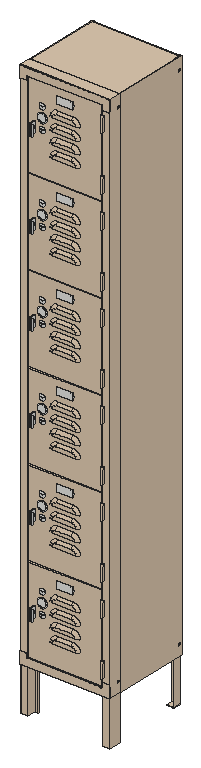
Revit family "Metal_Lockers-Salsbury_Industries-65000_66000_Series-1_Wide_Units", category Specialty Equipment, Revit 2022 (continued)
Definition of nested family "Metal Locker End Panel"
  Reference planes (in)
    plane 14 "Outside Edge of Back Flap": y = 3.898
  Forms (in)
    Extrusion 1, solid, material <- "Primary Structure Material", visible <- "Visible"
      sketch origin (-4.1325, 0.48244, 0) x (0, 0, -1) y (0, -1, 0)
        loop
          line (-72, 8.71458) -> (-72, -3.41556) -> (0, -3.41556) -> (0, 8.71458) -> (-72, 8.71458)
      from 0 to -0.06
    Extrusion 2, solid, material <- "Primary Structure Material", visible <- "Visible"
      sketch origin (0, 3.838, 0) x (0, 0, -1) y (1, 0, 0)
        loop
          line (-72, -5.0575) -> (0, -5.0575) -> (0, -4.1325) -> (-72, -4.1325) -> (-72, -5.0575)
      from 0 to -0.06
    Extrusion 3, solid, material <- "Primary Structure Material", visible <- "Visible"
      sketch origin (0, -8.172, 0) x (1, 0, 0) y (0, 0, 1)
        loop
          line (-5.0575, 70.283) -> (-5.0575, 1.717) -> (-4.1325, 1.717) -> (-4.1325, 70.283) -> (-5.0575, 70.283)
      from 0.06014 to 0
  Dimensions and locks (in)
    equal spacing: plane 6 "Front of Panel", plane 1 "Center (Front/Back)", plane 9 "Back of Panel"
    "Depth": plane 6 "Front of Panel" to plane 9 "Back of Panel"
    equal spacing: plane 8 "Left Side of Enclosure", plane 3 "Center (Left/Right)", plane 7 "Right Side of Enclosure"
    "Width": plane 8 "Left Side of Enclosure" to plane 7 "Right Side of Enclosure"
    equal spacing: plane 5 "Top of Panel", plane 10, plane 2
    "Height": plane 5 "Top of Panel" to plane 2
    locked: plane 5 "Top of Panel" to plane 11 at 1.717
    locked: plane 13 "Outside Edge of Front Flap" to plane 6 "Front of Panel" at 0.06014
    locked: plane 9 "Back of Panel" to plane 14 "Outside Edge of Back Flap" at 0.06
    aligned and locked: level to plane 2
    aligned and locked: plane 5 "Top of Panel" to Extrusion 1 sketch curve
    aligned and locked: plane 5 "Top of Panel" to Extrusion 2 sketch curve
    aligned and locked: Extrusion 2 to plane 9 "Back of Panel"
    aligned and locked: plane 11 to Extrusion 3 sketch curve
    aligned and locked: plane 6 "Front of Panel" to Extrusion 3
    aligned and locked: plane 14 "Outside Edge of Back Flap" to Extrusion 2
    aligned and locked: Extrusion 1 to plane 14 "Outside Edge of Back Flap"
    aligned and locked: plane 13 "Outside Edge of Front Flap" to Extrusion 3
    aligned and locked: Extrusion 2 to plane 7 "Right Side of Enclosure"
    aligned and locked: Extrusion 3 to plane 7 "Right Side of Enclosure"
  Automatic sketch dimensions
    Extrusion 1 sketch curve to level = 0.000"
    Extrusion 2 sketch curve to level = 0.000"
    plane 8 "Left Side of Enclosure" to Extrusion 2 sketch curve = 0.000"
    plane 7 "Right Side of Enclosure" to Extrusion 2 sketch curve = 0.000"
    plane 8 "Left Side of Enclosure" to Extrusion 3 sketch curve = 0.000"
    Extrusion 3 sketch curve to plane 12 = 0.000"
    plane 7 "Right Side of Enclosure" to Extrusion 3 sketch curve = 0.000"
    Extrusion 1 sketch curve to plane 14 "Outside Edge of Back Flap" = 0.000"
    plane 6 "Front of Panel" to Extrusion 1 sketch curve = 0.06014"
Definition of nested family "Metal Locker Front Filler"
  Parameters (values of type "77869 - for 6' H Lockers (Zee Base or No Legs)")
    Width = 9.000"
    Visible = yes
    Version = "1.0 (11/30/15)"
    Type Comments = "Vertical Front Filler for Standard Metal Lockers"
    Primary Structure Material = none
    Model = "77865"
    MasterFormat Title = ""
    MasterFormat Number = ""
    Manufacturer = "Salsbury Industries"
    Height = 72.000"
    Description = "9\" W Vertical Front Filler for 6' H Lockers"
    Depth = 1.500"
    Default Elevation = 0.000"
    Assembly Code = ""
  Types (9): name | Width | Visible | Model | Height | Description | Depth
    77865 - for 6' H Lockers with Legs | 15.000" | yes | "77865" | 78.000" | "15\" W Vertical Front Filler for 6' H Lockers" | 1.000"
    77869 - for 6' H Lockers with Legs | 9.000" | yes | "77865" | 78.000" | "9\" W Vertical Front Filler for 6' H Lockers" | 1.000"
    77855 - for 5' H Lockers with Legs | 15.000" | yes | "77855" | 66.000" | "15\" W Vertical Front Filler for 5' H Lockers" | 1.000"
    77859 - for 5' H Lockers with Legs | 9.000" | yes | "77859" | 66.000" | "9\" W Vertical Front Filler for 5' H Lockers" | 1.000"
    None | 15.000" | no | "n/a" | 78.000" | "" | 1.500"
    77865 - for 6' H Lockers (Zee Base or No Legs) | 15.000" | yes | "77865" | 72.000" | "15\" W Vertical Front Filler for 6' H Lockers" | 1.000"
    77869 - for 6' H Lockers (Zee Base or No Legs) | 9.000" | yes | "77865" | 72.000" | "9\" W Vertical Front Filler for 6' H Lockers" | 1.500"
    77859 - for 5' H Lockers (Zee Base or No Legs) | 9.000" | yes | "77859" | 60.000" | "9\" W Vertical Front Filler for 5' H Lockers" | 1.000"
    77855 - for 5' H Lockers (Zee Base or No Legs) | 15.000" | yes | "77855" | 60.000" | "15\" W Vertical Front Filler for 5' H Lockers" | 1.000"
  Reference planes (in)
    plane 1 "Center (Front/Back)": y = -2.167
    plane 2: z = 0
    plane 3 "Center (Left/Right)": x = -4.595
    plane 4 "Bottom of Filler": z = 0
    plane 5 "Top of Panel": z = 72
    plane 6 "Front of Filler": y = -2.917
    plane 7 "Right Side of Filler": x = -0.095
    plane 8 "Left Side of Filler": x = -9.095
    plane 9 "Back of Filler": y = -1.417
    plane 10: z = 36
  Forms (in)
    Extrusion 1, solid, material <- "Primary Structure Material", visible <- "Visible"
      sketch origin (0, 0, 0) x (0, -1, 0) y (1, 0, 0)
        loop
          line (1.417, -9.095) -> (2.917, -9.095) -> (2.917, -1.095) -> (2.869, -1.095) -> (2.869, -9.047) -> (1.417, -9.047) -> (1.417, -9.095)
      from 0 to 72
    Extrusion 2, solid, material <- "Primary Structure Material", visible <- "Visible"
      sketch origin (0, -0.20425, 0) x (0, -1, 0) y (1, 0, 0)
        loop
          line (1.30875, -0.095) -> (1.30875, -0.143) -> (2.76075, -0.143) -> (2.76075, -1.595) -> (2.80875, -1.595) -> (2.80875, -0.095) -> (1.30875, -0.095)
      from 0 to 72
    Extrusion 3, solid, material <- "Primary Structure Material", visible <- "Visible"
      sketch origin (0, 0.10825, 0) x (0, -1, 0) y (1, 0, 0)
        loop
          line (3.07325, -1.595) -> (3.07325, -0.82524) -> (3.02525, -0.82524) -> (3.02525, -1.376) -> (3.02525, -1.449) -> (3.02525, -1.522) -> (3.02525, -1.595) -> (3.07325, -1.595)
      from 0 to 72
    Extrusion 4, solid, material <- "Primary Structure Material", visible <- "Visible"
      sketch origin (0, 0, 0) x (0, -1, 0) y (1, 0, 0)
        loop
          line (2.917, -0.82524) -> (2.821, -0.82524) -> (2.821, -1.80024) -> (2.869, -1.80024) -> (2.869, -0.87324) -> (2.917, -0.87324) -> (2.917, -0.82524)
      from 0 to 72
  Dimensions and locks (in)
    equal spacing: plane 6 "Front of Filler", plane 1 "Center (Front/Back)", plane 9 "Back of Filler"
    "Depth": plane 6 "Front of Filler" to plane 9 "Back of Filler"
    equal spacing: plane 8 "Left Side of Filler", plane 3 "Center (Left/Right)", plane 7 "Right Side of Filler"
    "Width": plane 8 "Left Side of Filler" to plane 7 "Right Side of Filler"
    equal spacing: plane 5 "Top of Panel", plane 10, plane 2
    "Height": plane 5 "Top of Panel" to plane 2
    aligned and locked: level to plane 2
    aligned and locked: Extrusion 1 to plane 5 "Top of Panel"
    aligned and locked: Extrusion 2 to plane 5 "Top of Panel"
    aligned and locked: Extrusion 3 to plane 5 "Top of Panel"
    aligned and locked: Extrusion 4 to plane 5 "Top of Panel"
  Automatic sketch dimensions
    plane 9 "Back of Filler" to Extrusion 1 sketch curve = 0.000"
    plane 6 "Front of Filler" to Extrusion 1 sketch curve = 0.000"
    Extrusion 1 sketch curve to plane 8 "Left Side of Filler" = 0.000"
    Extrusion 1 sketch curve to plane 6 "Front of Filler" = 0.048"
    Extrusion 1 sketch curve to Extrusion 1 sketch curve = 0.048"
    plane 7 "Right Side of Filler" to Extrusion 1 sketch curve = 1.000"
    Extrusion 2 sketch curve to plane 7 "Right Side of Filler" = 0.000"
    plane 7 "Right Side of Filler" to Extrusion 2 sketch curve = 0.048"
    plane 9 "Back of Filler" to Extrusion 2 sketch curve = 0.096"
    plane 6 "Front of Filler" to Extrusion 2 sketch curve = 0.048"
    Extrusion 2 sketch curve to Extrusion 2 sketch curve = 0.048"
    Extrusion 2 sketch curve to Extrusion 2 sketch curve = 1.452"
    plane 6 "Front of Filler" to Extrusion 3 sketch curve = 0.000"
    plane 7 "Right Side of Filler" to Extrusion 3 sketch curve = 1.500"
    Extrusion 3 sketch curve to Extrusion 3 sketch curve = 0.073"  (x3)
    Extrusion 3 sketch curve to Extrusion 3 sketch curve = 0.55076"
    Extrusion 3 sketch curve to Extrusion 3 sketch curve = 0.048"
    plane 6 "Front of Filler" to Extrusion 4 sketch curve = 0.000"
    Extrusion 4 sketch curve to plane 6 "Front of Filler" = 0.048"
    Extrusion 4 sketch curve to Extrusion 4 sketch curve = 0.048"  (x2)
    plane 7 "Right Side of Filler" to Extrusion 4 sketch curve = 1.70524"
    plane 7 "Right Side of Filler" to Extrusion 4 sketch curve = 0.77824"
Definition of nested family "Metal Locker Flat Top Filler"
  Parameters (values of type "77842 - for 12" Deep Lockers (15" W)")
    Width = 16.250"
    Visible = yes
    Version = "1.0 (11/30/15)"
    Type Comments = "Flat Top Filler for Standard Metal Lockers"
    Primary Structure Material = none
    Model = "77842"
    MasterFormat Title = ""
    MasterFormat Number = ""
    Manufacturer = "Salsbury Industries"
    Height = 1.003"
    Description = "15\"W Flat Top In-Line Filler"
    Depth = 12.118"
    Default Elevation = 0.000"
    Assembly Code = ""
  Types (7): name | Width | Visible | Model | Depth
    77842 - for 12" Deep Lockers (15" W) | 16.250" | yes | "77842" | 12.118"
    77842 - for 12" Deep Lockers (9" W) | 10.250" | yes | "77842" | 12.118"
    77845 - for 15" Deep Lockers (15" W) | 16.250" | yes | "77845" | 15.118"
    77845 - for 15" Deep Lockers (9" W) | 10.250" | yes | "77845" | 15.118"
    77848 - for 18" Deep Lockers (15" W) | 16.250" | yes | "77848" | 18.118"
    77848 - for 18" Deep Lockers (9" W) | 10.250" | yes | "77848" | 18.118"
    None | 16.250" | no | "" | 12.118"
  Reference planes (in)
    plane 1 "Center (Front/Back)": y = -2.167
    plane 2: z = 0
    plane 3 "Center (Left/Right)": x = -4.595
    plane 4 "Bottom of Panel": z = 0
    plane 5 "Top of Panel": z = 1.003
    plane 6 "Front of Panel": y = -8.226
    plane 7 "Right Side of Enclosure": x = 3.53
    plane 8 "Left Side of Enclosure": x = -12.72
    plane 9 "Back of Panel": y = 3.892
    plane 10: z = 0.5015
  Forms (in)
    Extrusion 1, solid, material <- "Primary Structure Material", visible <- "Visible"
      sketch origin (-4.595, 0, 0) x (0, 1, 0) y (0, 0, 1)
        loop
          line (-8.226, 0) -> (-8.178, 0) -> (-8.178, 0.955) -> (3.892, 0.955) -> (3.892, 1.003) -> (-8.226, 1.003) -> (-8.226, 0)
      from -8.125 to 8.125
  Dimensions and locks (in)
    equal spacing: plane 6 "Front of Panel", plane 1 "Center (Front/Back)", plane 9 "Back of Panel"
    "Depth": plane 6 "Front of Panel" to plane 9 "Back of Panel"
    equal spacing: plane 8 "Left Side of Enclosure", plane 3 "Center (Left/Right)", plane 7 "Right Side of Enclosure"
    "Width": plane 8 "Left Side of Enclosure" to plane 7 "Right Side of Enclosure"
    equal spacing: plane 5 "Top of Panel", plane 10, plane 2
    "Height": plane 5 "Top of Panel" to plane 2
    aligned and locked: level to plane 2
    aligned and locked: Extrusion 1 to plane 7 "Right Side of Enclosure"
    aligned and locked: plane 8 "Left Side of Enclosure" to Extrusion 1
    aligned and locked: plane 6 "Front of Panel" to Extrusion 1
    aligned and locked: Extrusion 1 to plane 9 "Back of Panel"
  Automatic sketch dimensions
    plane 5 "Top of Panel" to Extrusion 1 sketch curve = 0.000"
    Extrusion 1 sketch curve to plane 6 "Front of Panel" = 0.000"
    Extrusion 1 sketch curve to level = 0.000"
    Extrusion 1 sketch curve to plane 9 "Back of Panel" = 0.000"
    Extrusion 1 sketch curve to plane 6 "Front of Panel" = 0.048"
    plane 5 "Top of Panel" to Extrusion 1 sketch curve = 0.048"
Definition of nested family "Metal Locker Flat Corner Filler"
  Parameters (values of type "77832 - for 12" Deep Lockers")
    Width = 12.625"
    Visible = yes
    Version = "1.0 (11/30/15)"
    Type Comments = "Flat Top Corner Filler for Standard Metal Lockers"
    Primary Structure Material = none
    Model = "77832"
    MasterFormat Title = ""
    MasterFormat Number = ""
    Manufacturer = "Salsbury Industries"
    Height = 0.048"
    Description = "12\"W Flat Top Corner Filler"
    Depth = 12.625"
    Default Elevation = 0.000"
    Assembly Code = ""
  Types (4): name | Width | Visible | Model | Description | Depth
    77832 - for 12" Deep Lockers | 12.625" | yes | "77832" | "12\"W Flat Top Corner Filler" | 12.625"
    77835 - for 15" Deep Lockers | 15.625" | yes | "77835" | "15\"W Flat Top Corner Filler" | 15.625"
    77838 - for 18" Deep Lockers | 18.625" | yes | "77838" | "18\"W Flat Top Corner Filler" | 18.625"
    None | 12.625" | no | "" | "" | 12.625"
  Reference planes (in)
    plane 1 "Center (Front/Back)": y = -2.167
    plane 2: z = 0
    plane 3 "Center (Left/Right)": x = -4.595
    plane 4 "Bottom of Panel": z = 0
    plane 5 "Top of Panel": z = 0.048
    plane 6 "Front of Panel": y = -8.4795
    plane 7 "Right Side of Enclosure": x = 1.7175
    plane 8 "Left Side of Enclosure": x = -10.9075
    plane 9 "Back of Panel": y = 4.1455
    plane 10: z = 0.024
  Forms (in)
    Extrusion 1, solid, material <- "Primary Structure Material", visible <- "Visible"
      sketch origin (0, 0, 0) x (0, -1, 0) y (1, 0, 0)
        loop
          line (7.8545, -10.9075) -> (7.8545, -10.2825) -> (8.4795, -10.2825) -> (8.4795, 1.7175) -> (-4.1455, 1.7175) -> (-4.1455, -10.9075) -> (7.8545, -10.9075)
      from 0 to 0.048
  Dimensions and locks (in)
    equal spacing: plane 6 "Front of Panel", plane 1 "Center (Front/Back)", plane 9 "Back of Panel"
    "Depth": plane 6 "Front of Panel" to plane 9 "Back of Panel"
    equal spacing: plane 8 "Left Side of Enclosure", plane 3 "Center (Left/Right)", plane 7 "Right Side of Enclosure"
    "Width": plane 8 "Left Side of Enclosure" to plane 7 "Right Side of Enclosure"
    equal spacing: plane 5 "Top of Panel", plane 10, plane 2
    "Height": plane 5 "Top of Panel" to plane 2
    aligned and locked: level to plane 2
    aligned and locked: Extrusion 1 to plane 9 "Back of Panel"
    aligned and locked: plane 6 "Front of Panel" to Extrusion 1
    aligned and locked: Extrusion 1 to plane 7 "Right Side of Enclosure"
    aligned and locked: plane 8 "Left Side of Enclosure" to Extrusion 1
  Automatic sketch dimensions
    Extrusion 1 sketch curve to plane 8 "Left Side of Enclosure" = 0.000"
    plane 9 "Back of Panel" to Extrusion 1 sketch curve = 0.000"
    plane 6 "Front of Panel" to Extrusion 1 sketch curve = 0.000"
    Extrusion 1 sketch curve to plane 7 "Right Side of Enclosure" = 0.000"
    Extrusion 1 sketch curve to plane 8 "Left Side of Enclosure" = 0.625"
    Extrusion 1 sketch curve to plane 6 "Front of Panel" = 0.625"
Definition of nested family "Metal Locker Sloping Hood"
  Parameters (values of type "77752 - for 12" Deep Lockers (1 Wide)")
    Width = 12.040"
    Visible = yes
    Version = "1.0 (11/30/15)"
    Type Comments = "Sloping Hood for Standard Metal Lockers"
    Slope Angle = 28.761°
    Primary Structure Material = none
    Model = "77752"
    MasterFormat Title = ""
    MasterFormat Number = ""
    Manufacturer = "Salsbury Industries"
    Height = 6.625"
    Dividing Lines = no
    Description = "12\" Deep for up to (3) 12\" Wide Lockers"
    Depth = 12.070"
    Default Elevation = 0.000"
    Assembly Code = ""
  Types (12): name | Width | Visible | Slope Angle | Model | Height | Dividing Lines | Description | Depth
    77752 - for 12" Deep Lockers (1 Wide) | 12.040" | yes | 28.761° | "77752" | 6.625" | no | "12\" Deep for up to (3) 12\" Wide Lockers" | 12.070"
    77752 - for 12" Deep Lockers (3 Wide) | 36.040" | yes | 28.761° | "77752" | 6.625" | yes | "12\" Deep for up to (3) 12\" Wide Lockers" | 12.070"
    77755 - for 15" Deep Lockers (1 Wide) | 12.040" | yes | 29.946° | "77755" | 8.682" | no | "15\" Deep for up to (3) 12\" Wide Lockers" | 15.070"
    77755 - for 15" Deep Lockers (3 Wide) | 36.040" | yes | 29.946° | "77755" | 8.628" | yes | "15\" Deep for up to (3) 12\" Wide Lockers" | 15.070"
    77758 - for 18" Deep Lockers (1 Wide) | 12.040" | yes | 30.723° | "77758" | 10.739" | no | "18\" Deep for up to (3) 12\" Wide Lockers" | 18.070"
    77758 - for 18" Deep Lockers (3 Wide) | 36.040" | yes | 30.723° | "77758" | 10.739" | yes | "18\" Deep for up to (3) 12\" Wide Lockers" | 18.070"
    None | 12.000" | no | 28.761° | "" | 6.625" | no | "" | 12.070"
    77765 - for 15" Deep Lockers (1 Wide) | 15.040" | yes | 29.946° | "77752" | 6.625" | no | "12\" Deep for up to (3) 12\" Wide Lockers" | 15.070"
    77768 - for 18" Deep Lockers (1 Wide) | 15.040" | yes | 30.723° | "77752" | 6.625" | no | "12\" Deep for up to (3) 12\" Wide Lockers" | 18.070"
    77765 - for 15" Deep Lockers (3 Wide) | 45.040" | yes | 29.946° | "77752" | 6.625" | yes | "12\" Deep for up to (3) 12\" Wide Lockers" | 15.070"
    77768 - for 18" Deep Lockers (3 Wide) | 45.040" | yes | 30.723° | "77752" | 6.625" | yes | "12\" Deep for up to (3) 12\" Wide Lockers" | 18.070"
    77759 - for 18" Deep Bridge Lockers | 72.040" | yes | 30.723° | "77752" | 6.625" | no | "12\" Deep for up to (3) 12\" Wide Lockers" | 18.070"
  Reference planes (in)
    plane 1 "Center (Front/Back)": y = -2.167
    plane 2: z = 0
    plane 3 "Center (Left/Right)": x = -4.595
    plane 4 "Bottom of Panel": z = 0
    plane 5 "Top of Panel": z = 6.625
    plane 6 "Front of Panel": y = -8.202
    plane 7 "Right Side of Enclosure": x = 1.425
    plane 8 "Left Side of Enclosure": x = -10.615
    plane 9 "Back of Panel": y = 3.868
    plane 10: z = 3.3125
    plane 11: through (0, -7.81601, 0.21186) normal (0, -0.4812, 0.8766)
    plane 12: through (0, -7.94397, 0.10626) normal (0, -0.4812, 0.8766)
    plane 13: y = 3.837
    plane 14: y = 3.806
    plane 15: y = 3.775
    plane 16: y = 3.37433
    plane 17 "Divider 1": x = -6.60167
    plane 18 "Divider 2": x = -2.58833
  Forms (in)
    Extrusion 1, solid, material <- "Primary Structure Material", visible <- "Visible"
      sketch origin (1.425, 0, 0) x (0, 0, -1) y (0, -1, 0)
        loop
          line (-6.62484, -3.868) -> (0, -3.868) -> (0, 8.202) -> (-6.62484, -3.868)
      from 0 to 0.031
    Extrusion 2, solid, material <- "Primary Structure Material", visible <- "Visible"
      sketch origin (1.425, 0, 0) x (0, 0, -1) y (0, -1, 0)
        loop
          line (0, -3.868) -> (0, -3.837) -> (-6.60783, -3.837) -> (-6.62484, -3.868) -> (0, -3.868)
      from 0.03098 to 0.40598
    Extrusion 3, solid, material <- "Primary Structure Material", visible <- "Visible"
      sketch origin (1.425, 0, 0) x (0, 0, -1) y (0, -1, 0)
        loop
          line (0, -3.837) -> (0, 8.13757) -> (-0.031, 8.08109) -> (-0.031, -3.837) -> (0, -3.837)
      from 0.031 to 0.80198
    Extrusion 4, solid, material <- "Primary Structure Material", visible <- "Visible"
      sketch origin (-10.615, 0, 0) x (0, 0, -1) y (0, -1, 0)
        loop
          line (-6.62484, -3.868) -> (0, -3.868) -> (0, 8.202) -> (-6.62484, -3.868)
      from 0 to -0.031
    Extrusion 5, solid, material <- "Primary Structure Material", visible <- "Visible"
      sketch origin (-10.615, 0, 0) x (0, 0, -1) y (0, -1, 0)
        loop
          line (0, -3.868) -> (0, -3.837) -> (-6.60783, -3.837) -> (-6.62484, -3.868) -> (0, -3.868)
      from -0.031 to -0.406
    Extrusion 6, solid, material <- "Primary Structure Material", visible <- "Visible"
      sketch origin (-10.615, 0, 0) x (0, 0, -1) y (0, -1, 0)
        loop
          line (0, -3.837) -> (0, 8.13757) -> (-0.031, 8.08109) -> (-0.031, -3.837) -> (0, -3.837)
      from -0.031 to -0.802
    Extrusion 7, solid, material <- "Primary Structure Material", visible <- "Visible"
      sketch origin (-4.595, 0, 0) x (0, 1, 0) y (0, 0, 1)
        loop
          line (3.837, 6.60783) -> (-8.202, 0) -> (-7.84238, 0) -> (-7.84238, 0.031) -> (-8.08109, 0.031) -> (3.806, 6.55545) -> (3.806, 6.21809) -> (3.837, 6.21809) -> (3.837, 6.60783)
      from -5.989 to 5.989
    Extrusion 8, solid, material <- "Primary Structure Material", visible <- "Visible"
      sketch origin (-4.595, -0.031, 0) x (0, 1, 0) y (0, 0, 1)
        loop
          line (3.837, 0.031) -> (3.837, 6.55545) -> (3.806, 6.53844) -> (3.806, 0.031) -> (3.837, 0.031)
      from -5.989 to 5.989
    Extrusion 9, solid, material <- "Primary Structure Material", visible <- "Visible"
      sketch origin (0, -0.031, 0) x (0, -1, 0) y (1, 0, 0)
        loop
          line (-3.806, -9.75653) -> (-3.40533, -9.75653) -> (-3.40533, 0.56919) -> (-3.806, 0.56919) -> (-3.806, -9.75653)
      from 0.031 to 0.06464
  Lines and regions (in)
    model lines, visible <- "Dividing Lines"
      curve 1: line (-6.60167, -8.21456, -0.0069) -> (-6.60167, 3.868, 6.62484)
      curve 2: line (-2.58833, -8.21456, -0.0069) -> (-2.58833, 3.868, 6.62484)
  Dimensions and locks (in)
    equal spacing: plane 6 "Front of Panel", plane 1 "Center (Front/Back)", plane 9 "Back of Panel"
    "Depth": plane 6 "Front of Panel" to plane 9 "Back of Panel"
    equal spacing: plane 8 "Left Side of Enclosure", plane 17 "Divider 1", plane 18 "Divider 2", plane 7 "Right Side of Enclosure"
    "Width": plane 8 "Left Side of Enclosure" to plane 7 "Right Side of Enclosure"
    equal spacing: plane 5 "Top of Panel", plane 10, plane 2
    "Height": plane 5 "Top of Panel" to plane 2
    locked: plane 11 to plane 12 at 0.031
    plane 16 to plane 15 to plane 14 to plane 13 to plane 9 "Back of Panel" = 0.40067", 0.031", 0.031", 0.031"
    equal spacing: plane 8 "Left Side of Enclosure", plane 3 "Center (Left/Right)", plane 7 "Right Side of Enclosure"
    "Slope Angle": angle plane 4 "Bottom of Panel" to plane 11
    aligned and locked: level to plane 2
    aligned and locked: Extrusion 1 to plane 9 "Back of Panel"
    aligned and locked: plane 4 "Bottom of Panel" to Extrusion 1
    aligned and locked: Extrusion 7 to Extrusion 1
    aligned and locked: Extrusion 7 to Extrusion 4
    aligned and locked: Extrusion 7 to Extrusion 8  (x2)
    aligned and locked: plane 11 to Extrusion 7 sketch curve
    aligned and locked: plane 12 to Extrusion 7 sketch curve
    aligned and locked: plane 12 to Extrusion 8 sketch curve
    aligned and locked: Extrusion 4 sketch curve to plane 11
    aligned and locked: Extrusion 1 sketch curve to plane 11
    aligned and locked: Extrusion 3 sketch curve to plane 12
    aligned and locked: Extrusion 6 sketch curve to plane 12
    aligned and locked: plane 13 to Extrusion 7
    aligned and locked: plane 14 to Extrusion 8
    aligned and locked: plane 15 to Extrusion 8
    aligned and locked: plane 16 to Extrusion 9
    aligned and locked: plane 13 to Extrusion 7 sketch curve
    aligned and locked: Extrusion 7 sketch curve to plane 14
    aligned and locked: plane 13 to Extrusion 2 sketch curve
    aligned and locked: plane 11 to Extrusion 2 sketch curve
    aligned and locked: plane 13 to Extrusion 5 sketch curve
    aligned and locked: plane 11 to Extrusion 5 sketch curve
    aligned and locked: curve 2 to plane 18 "Divider 2"
    aligned and locked: curve 1 to plane 17 "Divider 1"
  Automatic sketch dimensions
    Extrusion 7 sketch curve to level = 0.000"
    level to Extrusion 7 sketch curve = 0.031"
    Extrusion 7 sketch curve to Extrusion 7 sketch curve = 0.23871"
    Extrusion 7 sketch curve to Extrusion 7 sketch curve = 0.33736"
    Extrusion 1 sketch curve to plane 9 "Back of Panel" = 0.000"
    Extrusion 1 sketch curve to level = 0.000"
    Extrusion 2 sketch curve to plane 9 "Back of Panel" = 0.000"
    Extrusion 2 sketch curve to level = 0.000"
    Extrusion 3 sketch curve to plane 13 = 0.000"
    Extrusion 3 sketch curve to level = 0.000"
    level to Extrusion 3 sketch curve = 0.031"
    Extrusion 4 sketch curve to plane 9 "Back of Panel" = 0.000"
    Extrusion 4 sketch curve to level = 0.000"
    Extrusion 5 sketch curve to plane 9 "Back of Panel" = 0.000"
    Extrusion 5 sketch curve to level = 0.000"
    Extrusion 6 sketch curve to plane 13 = 0.000"
    Extrusion 6 sketch curve to level = 0.000"
    Extrusion 6 sketch curve to Extrusion 6 sketch curve = 0.031"
    Extrusion 8 sketch curve to plane 15 = 0.000"
    Extrusion 8 sketch curve to plane 14 = 0.000"
    level to Extrusion 8 sketch curve = 0.031"
    plane 15 to Extrusion 9 sketch curve = 0.000"
    plane 16 to Extrusion 9 sketch curve = 0.000"
    Extrusion 9 sketch curve to plane 8 "Left Side of Enclosure" = 0.85847"
    plane 7 "Right Side of Enclosure" to Extrusion 9 sketch curve = 0.85581"
    curve 1 to plane 9 "Back of Panel" = 0.000"
    plane 11 to curve 1 = 0.000"
    curve 1 to plane 11 = 0.000"
    curve 1 to level = 0.0069"
    curve 2 to plane 9 "Back of Panel" = 0.000"
    plane 11 to curve 2 = 0.000"
    curve 2 to plane 11 = 0.000"
    curve 2 to level = 0.0069"
Definition of nested family "Metal Locker Sloping Top Filler"
  Parameters (values of type "77882 - for 12" Deep Lockers (15" W)")
    Width = 16.250"
    Visible = yes
    Version = "1.0 (11/30/15)"
    Type Comments = "Sloping Hood In-Line Filler for Standard Metal Lockers"
    Slope Angle = 28.761°
    Primary Structure Material = none
    Model = "77882"
    MasterFormat Title = ""
    MasterFormat Number = ""
    Manufacturer = "Salsbury Industries"
    Height = 1.003"
    Description = "15\"W Sloping Hood In-Line Filler"
    Depth = 12.118"
    Default Elevation = 0.000"
    Assembly Code = ""
  Types (7): name | Width | Visible | Type Comments | Slope Angle | Model | Description | Depth
    77882 - for 12" Deep Lockers (15" W) | 16.250" | yes | "Sloping Hood In-Line Filler for Standard Metal Lockers" | 28.761° | "77882" | "15\"W Sloping Hood In-Line Filler" | 12.118"
    77882 - for 12" Deep Lockers (9" W) | 10.250" | yes | "Sloping Hood In-Line Filler for Standard Metal Lockers" | 28.761° | "77882" | "15\"W Sloping Hood In-Line Filler" | 12.118"
    77885 - for 15" Deep Lockers (15" W) | 16.250" | yes | "Sloping Hood In-Line Filler for Standard Metal Lockers" | 29.946° | "77885" | "15\"W Sloping Hood In-Line Filler" | 15.118"
    77885 - for 15" Deep Lockers (9" W) | 10.250" | yes | "Sloping Hood In-Line Filler for Standard Metal Lockers" | 29.946° | "77885" | "15\"W Sloping Hood In-Line Filler" | 15.118"
    77888 - for 18" Deep Lockers (15" W) | 16.250" | yes | "Sloping Hood In-Line Filler for Standard Metal Lockers" | 30.723° | "77888" | "15\"W Sloping Hood In-Line Filler" | 18.118"
    77888 - for 18" Deep Lockers (9" W) | 10.250" | yes | "Sloping Hood In-Line Filler for Standard Metal Lockers" | 30.723° | "77888" | "15\"W Sloping Hood In-Line Filler" | 18.118"
    None | 16.250" | no | "Sloping Hood for Standard Metal Lockers" | 28.761° | "" | "" | 12.118"
  Reference planes (in)
    plane 1 "Center (Front/Back)": y = -2.167
    plane 2: z = 0
    plane 3 "Center (Left/Right)": x = -4.595
    plane 4 "Bottom of Panel": z = 0
    plane 5 "Top of Panel": z = 1.003
    plane 6 "Front of Panel": y = -8.226
    plane 7 "Right Side of Enclosure": x = 3.53
    plane 8 "Left Side of Enclosure": x = -12.72
    plane 9 "Back of Panel": y = 3.892
    plane 10: z = 0.5015
    plane 11: through (0, -7.6072, 0.33964) normal (0, -0.4812, 0.8766)
    plane 12: through (0, -7.72698, 0.21914) normal (0, -0.4812, 0.8766)
  Forms (in)
    Extrusion 1, solid, material <- "Primary Structure Material", visible <- "Visible"
      sketch origin (-4.595, 0, 0) x (0, 1, 0) y (0, 0, 1)
        loop
          line (3.892, 6.65119) -> (-8.226, 0) -> (-8.226, -1.028) -> (-8.178, -1.028) -> (-8.178, -0.02841) -> (3.892, 6.59643) -> (3.892, 6.65119)
      from -8.125 to 8.125
  Dimensions and locks (in)
    equal spacing: plane 6 "Front of Panel", plane 1 "Center (Front/Back)", plane 9 "Back of Panel"
    "Depth": plane 6 "Front of Panel" to plane 9 "Back of Panel"
    equal spacing: plane 8 "Left Side of Enclosure", plane 3 "Center (Left/Right)", plane 7 "Right Side of Enclosure"
    "Width": plane 8 "Left Side of Enclosure" to plane 7 "Right Side of Enclosure"
    equal spacing: plane 5 "Top of Panel", plane 10, plane 2
    "Height": plane 5 "Top of Panel" to plane 2
    locked: plane 11 to plane 12 at 0.048
    "Slope Angle": angle plane 4 "Bottom of Panel" to plane 11
    aligned and locked: level to plane 2
    aligned and locked: plane 11 to Extrusion 1 sketch curve
    aligned and locked: plane 12 to Extrusion 1 sketch curve
    aligned and locked: Extrusion 1 to plane 7 "Right Side of Enclosure"
    aligned and locked: plane 8 "Left Side of Enclosure" to Extrusion 1
  Automatic sketch dimensions
    Extrusion 1 sketch curve to plane 6 "Front of Panel" = 0.000"
    Extrusion 1 sketch curve to Extrusion 1 sketch curve = 0.99959"
    Extrusion 1 sketch curve to level = 0.02841"
    Extrusion 1 sketch curve to plane 9 "Back of Panel" = 0.000"
Definition of nested family "Metal Locker Sloping Corner Filler"
  Parameters (values of type "77872 - for 12" Deep Lockers")
    Width = 12.695"
    Visible = yes
    Version = "1.0 (11/30/15)"
    Type Comments = "Sloping Hood Corner Filler for Standard Metal Lockers"
    Slope Angle 2 = 28.761°
    Slope Angle 1 = 28.761°
    Primary Structure Material = none
    Model = "77872"
    MasterFormat Title = ""
    MasterFormat Number = ""
    Manufacturer = "Salsbury Industries"
    Height = 6.87897"
    Description = "12\"D Sloping Hood Corner Filler"
    Depth = 12.695"
    Default Elevation = 0.000"
    Assembly Code = ""
  Types (4): name | Width | Visible | Slope Angle 2 | Slope Angle 1 | Model | Description | Depth
    77872 - for 12" Deep Lockers | 12.695" | yes | 28.761° | 28.761° | "77872" | "12\"D Sloping Hood Corner Filler" | 12.695"
    77875 - for 15" Deep Lockers | 15.695" | yes | 29.946° | 29.946° | "77875" | "15\"D Sloping Hood Corner Filler" | 15.695"
    77878 - for 18" Deep Lockers | 18.695" | yes | 30.723° | 30.723° | "77878" | "18\"D Sloping Hood Corner Filler" | 18.695"
    None | 12.695" | no | 28.723° | 28.723° | "" | "" | 12.695"
  Reference planes (in)
    plane 1 "Center (Front/Back)": y = -2.167
    plane 2: z = 0
    plane 3 "Center (Left/Right)": x = -4.595
    plane 4 "Bottom of Panel": z = 0
    plane 5 "Top of Panel": z = 6.87897
    plane 6 "Front of Panel": y = -8.5145
    plane 7 "Right Side of Enclosure": x = 1.7525
    plane 8 "Left Side of Enclosure": x = -10.9425
    plane 9 "Back of Panel": y = 4.1805
    plane 10 "Center Top/Bottom": z = 3.43948
    plane 11 "Slope 1": through (0, -7.42276, 0.59922) normal (0, -0.4812, 0.8766)
    plane 12: through (0, -7.54254, 0.47872) normal (0, -0.4812, 0.8766)
    plane 13 "Diagonal Plane": through (-10.86131, 4.09969, 48) normal (0.7071, 0.7071, 0)
    plane 14 "Cutout Plane 1": y = -7.8895
    plane 15 "Cutout Plane 2": x = 1.1275
    plane 16 "Slope 2": through (1.43902, -180, 0.17206) normal (-0.4812, 0, -0.8766)
    plane 17: through (5.04554, -180, -1.86199) normal (-0.4812, 0, -0.8766)
  Forms (in)
    Extrusion 1, solid, material <- "Primary Structure Material", visible <- "Visible"
      sketch origin (-4.595, 0, 0) x (0, 1, 0) y (0, 0, 1)
        loop
          line (-7.8895, 0.28829) -> (4.1805, 6.91313) -> (4.1805, 6.96789) -> (-7.8895, 0.34304) -> (-7.8895, 0.28829)
      from -6.3475 to 6.3475
    Extrusion 2, void
      sketch origin (0, 0, 3.43948) x (1, 0, 0) y (0, 1, 0)
        loop
          line (1.75288, -8.5145) -> (-10.9425, 4.18088) -> (-10.9425, -8.5145) -> (1.75288, -8.5145)
      from -3.43948 to 8.2673
    Extrusion 3, solid, material <- "Primary Structure Material", visible <- "Visible"
      sketch origin (0, -2.167, 0) x (1, 0, 0) y (0, 0, 1)
        loop
          line (1.1275, 0.2885) -> (1.1275, 0.34304) -> (-10.9425, 6.96789) -> (-10.9425, 6.91334) -> (1.1275, 0.2885)
      from -6.3475 to 6.3475
    Extrusion 4, void
      sketch origin (-4.595, 0, 0) x (0, 1, 0) y (0, 0, 1)
        loop
          line (4.1805, 0) -> (4.1805, 6.91313) -> (-8.41474, 0) -> (4.1805, 0)
      from -6.3475 to 6.3475
    Extrusion 5, solid, not visible
      sketch origin (1.1275, 0, 0) x (0, -1, 0) y (0, 0, 1)
        loop
          line (8.60982, 0.2885) -> (7.8895, 0.2885) -> (7.8895, 0) -> (8.60982, 0) -> (8.60982, 0.2885)
      from -0.72026 to 0
  Cuts and joins
    Extrusion 2, Extrusion 4 cuts Extrusion 1
    Extrusion 4 cuts Extrusion 3
  Dimensions and locks (in)
    equal spacing: plane 6 "Front of Panel", plane 1 "Center (Front/Back)", plane 9 "Back of Panel"
    "Depth": plane 6 "Front of Panel" to plane 9 "Back of Panel"
    equal spacing: plane 8 "Left Side of Enclosure", plane 3 "Center (Left/Right)", plane 7 "Right Side of Enclosure"
    "Width": plane 8 "Left Side of Enclosure" to plane 7 "Right Side of Enclosure"
    equal spacing: plane 5 "Top of Panel", plane 10 "Center Top/Bottom", plane 2
    "Height": plane 5 "Top of Panel" to plane 2
    locked: plane 11 "Slope 1" to plane 12 at 0.048
    locked: plane 15 "Cutout Plane 2" to plane 7 "Right Side of Enclosure" at 0.625
    locked: plane 6 "Front of Panel" to plane 14 "Cutout Plane 1" at 0.625
    locked: plane 17 to plane 16 "Slope 2" at 0.04782
    "Slope Angle 1": angle plane 4 "Bottom of Panel" to plane 11 "Slope 1"
    "Slope Angle 2": angle plane 16 "Slope 2" to plane 4 "Bottom of Panel"
    aligned and locked: level to plane 2
    aligned and locked: Extrusion 1 sketch curve to plane 14 "Cutout Plane 1"
    aligned and locked: plane 9 "Back of Panel" to Extrusion 1 sketch curve
    aligned and locked: Extrusion 1 sketch curve to plane 11 "Slope 1"
    aligned and locked: plane 12 to Extrusion 1 sketch curve
    aligned and locked: plane 8 "Left Side of Enclosure" to Extrusion 1
    aligned and locked: Extrusion 1 to plane 7 "Right Side of Enclosure"
    aligned and locked: plane 6 "Front of Panel" to Extrusion 2 sketch curve
    aligned and locked: plane 8 "Left Side of Enclosure" to Extrusion 2 sketch curve
    aligned and locked: plane 13 "Diagonal Plane" to Extrusion 2 sketch curve
    aligned and locked: plane 4 "Bottom of Panel" to cut or joined group of Extrusion 1, Extrusion 2, Extrusion 4
    aligned and locked: Extrusion 4 sketch curve to level
    aligned and locked: Extrusion 4 sketch curve to plane 9 "Back of Panel"
    aligned and locked: plane 12 to Extrusion 4 sketch curve
    aligned and locked: Extrusion 4 to plane 7 "Right Side of Enclosure"
    aligned and locked: plane 8 "Left Side of Enclosure" to Extrusion 4
    aligned and locked: cut or joined group of Extrusion 3, Extrusion 4 to plane 15 "Cutout Plane 2"
    aligned and locked: plane 6 "Front of Panel" to cut or joined group of Extrusion 3, Extrusion 4
    aligned and locked: cut or joined group of Extrusion 3, Extrusion 4 to plane 9 "Back of Panel"
    aligned and locked: Extrusion 3 sketch curve to plane 15 "Cutout Plane 2"
    aligned and locked: Extrusion 3 sketch curve to plane 16 "Slope 2"
    aligned and locked: plane 8 "Left Side of Enclosure" to Extrusion 3 sketch curve
    aligned and locked: plane 17 to Extrusion 3 sketch curve
  Automatic sketch dimensions
    Extrusion 5 sketch curve to plane 14 "Cutout Plane 1" = 0.000"
    Extrusion 5 sketch curve to level = 0.000"
    plane 6 "Front of Panel" to Extrusion 5 sketch curve = 0.09532"
    Extrusion 5 sketch curve to Extrusion 5 sketch curve = 0.2885"
Types (18): name | Zee Base | Unit Height including Sloping Hood Only | Unit Height | Type Comments | Total Door(s) Height | Top Door | Top Compartment Divider | Sloping Hood Height | Unit Height including Base Only | Overall Unit Height (including Base and Sloping Hood) | Model | Individual Door Height | Door Location D1 | Description | Depth | Compartment Divider Height | Base Height | Standard Leg Base
  66162 - with Standard 6" High Legs | Metal Locker Zee Base : None | 78.625" | 72.000" | "Standard Metal Locker - Six Tier" | 69.81949" | yes | yes | 6.625" | 78.000" | 84.625" | "66162" | 11.534" | Metal Locker Doors-12 inch with Latch Hasps : Six Tier Door - 6 foot | "1 Wide - 6 Feet High - 12 Inches Deep" | 12.010" | 11.159" | 6.000" | Metal Locker Legs : 6" High - 12" W x 12" D
  66165 - with Standard 6" High Legs | Metal Locker Zee Base : None | 80.682" | 72.000" | "Standard Metal Locker - Six Tier" | 69.81949" | yes | yes | 8.682" | 78.000" | 86.682" | "66165" | 11.534" | Metal Locker Doors-12 inch with Latch Hasps : Six Tier Door - 6 foot | "1 Wide - 6 Feet High - 15 Inches Deep" | 15.010" | 11.159" | 6.000" | Metal Locker Legs : 6" High - 12" W x 15" D
  66168 - with Standard 6" High Legs | Metal Locker Zee Base : None | 82.739" | 72.000" | "Standard Metal Locker - Six Tier" | 69.81949" | yes | yes | 10.739" | 78.000" | 88.739" | "66168" | 11.534" | Metal Locker Doors-12 inch with Latch Hasps : Six Tier Door - 6 foot | "1 Wide - 6 Feet High - 18 Inches Deep" | 18.010" | 11.159" | 6.000" | Metal Locker Legs : 6" High - 12"W x 18"D
  66162 - with 77572 Zee Base and 77550 Lockers without Legs | Metal Locker Zee Base : 77572- 12" W x 12" D | 78.625" | 72.000" | "Standard Metal Locker - Six Tier" | 69.81949" | yes | yes | 6.625" | 76.000" | 82.625" | "66162 with 77572 and 77550" | 11.534" | Metal Locker Doors-12 inch with Latch Hasps : Six Tier Door - 6 foot | "1 Wide - 6 Feet High - 12 Inches Deep with Zee Base and Lockers without Legs" | 12.010" | 11.159" | 4.000" | Metal Locker Legs : No Legs
  66165 - with 77575 Zee Base and 77550 Lockers without Legs | Metal Locker Zee Base : 77575 - 12" W x 15" D | 80.682" | 72.000" | "Standard Metal Locker - Six Tier" | 69.81949" | yes | yes | 8.682" | 76.000" | 84.682" | "66165 with 77575 and 77550" | 11.534" | Metal Locker Doors-12 inch with Latch Hasps : Six Tier Door - 6 foot | "1 Wide - 6 Feet High - 15 Inches Deep with Zee Base and Lockers without Legs" | 15.010" | 11.159" | 4.000" | Metal Locker Legs : No Legs
  66168 - with 77578 Zee Base and 77550 Lockers without Legs | Metal Locker Zee Base : 77578 - 12"W x 18"D | 82.739" | 72.000" | "Standard Metal Locker - Six Tier" | 69.81949" | yes | yes | 10.739" | 76.000" | 86.739" | "66168 with 77578 and 77550" | 11.534" | Metal Locker Doors-12 inch with Latch Hasps : Six Tier Door - 6 foot | "1 Wide - 6 Feet High - 18 Inches Deep with Zee Base and Lockers without Legs" | 18.010" | 11.159" | 4.000" | Metal Locker Legs : No Legs
  66162 - with 77550 Lockers without Legs | Metal Locker Zee Base : None | 78.625" | 72.000" | "Standard Metal Locker - Six Tier" | 69.81949" | yes | yes | 6.625" | 72.000" | 78.625" | "66162 with 77550" | 11.534" | Metal Locker Doors-12 inch with Latch Hasps : Six Tier Door - 6 foot | "1 Wide - 6 Feet High - 12 Inches Deep with Lockers without Legs" | 12.010" | 11.159" | 0.000" | Metal Locker Legs : No Legs
  66165 - with 77550 Lockers without Legs | Metal Locker Zee Base : None | 80.682" | 72.000" | "Standard Metal Locker - Six Tier" | 69.81949" | yes | yes | 8.682" | 72.000" | 80.682" | "66165 with 77550" | 11.534" | Metal Locker Doors-12 inch with Latch Hasps : Six Tier Door - 6 foot | "1 Wide - 6 Feet High - 15 Inches Deep with Lockers without Legs" | 15.010" | 11.159" | 0.000" | Metal Locker Legs : No Legs
  66168 - with 77550 Lockers without Legs | Metal Locker Zee Base : None | 82.739" | 72.000" | "Standard Metal Locker - Six Tier" | 69.81949" | yes | yes | 10.739" | 72.000" | 82.739" | "66168 with 77550" | 11.534" | Metal Locker Doors-12 inch with Latch Hasps : Six Tier Door - 6 foot | "1 Wide - 6 Feet High - 18 Inches Deep with Lockers without Legs" | 18.010" | 11.159" | 0.000" | Metal Locker Legs : No Legs
  65152 - with Standard 6" High Legs | Metal Locker Zee Base : None | 66.625" | 60.000" | "Standard Metal Locker - Five Tier" | 57.81949" | no | no | 6.625" | 66.000" | 72.625" | "65152" | 11.463" | Metal Locker Doors-12 inch with Latch Hasps : Five Tier Door - 5 foot | "1 Wide - 5 Feet High - 12 Inches Deep" | 12.010" | 11.088" | 6.000" | Metal Locker Legs : 6" High - 12" W x 12" D
  65152 - with 77572 Zee Base and 77550 Lockers without Legs | Metal Locker Zee Base : 77572- 12" W x 12" D | 66.625" | 60.000" | "Standard Metal Locker - Five Tier" | 57.81949" | no | no | 6.625" | 64.000" | 70.625" | "65152 with 77572 and 77550" | 11.463" | Metal Locker Doors-12 inch with Latch Hasps : Five Tier Door - 5 foot | "1 Wide - 5 Feet High - 12 Inches Deep with Zee Base and Lockers without Legs" | 12.010" | 11.088" | 4.000" | Metal Locker Legs : No Legs
  65152 - with 77550 Lockers without Legs | Metal Locker Zee Base : None | 66.625" | 60.000" | "Standard Metal Locker - Five Tier" | 57.81949" | no | no | 6.625" | 60.000" | 66.625" | "65152 with 77550" | 11.463" | Metal Locker Doors-12 inch with Latch Hasps : Five Tier Door - 5 foot | "1 Wide - 5 Feet High - 12 Inches Deep with Lockers without Legs" | 12.010" | 11.088" | 0.000" | Metal Locker Legs : No Legs
  65155 - with Standard 6" High Legs | Metal Locker Zee Base : None | 68.682" | 60.000" | "Standard Metal Locker - Five Tier" | 57.81949" | no | no | 8.682" | 66.000" | 74.682" | "65155" | 11.463" | Metal Locker Doors-12 inch with Latch Hasps : Six Tier Door - 6 foot | "1 Wide - 5 Feet High - 15 Inches Deep" | 15.010" | 11.088" | 6.000" | Metal Locker Legs : 6" High - 12" W x 15" D
  65155 - with 77575 Zee Base and 77550 Lockers without Legs | Metal Locker Zee Base : 77575 - 12" W x 15" D | 68.682" | 60.000" | "Standard Metal Locker - Five Tier" | 57.81949" | no | no | 8.682" | 64.000" | 72.682" | "65155 with 77575 and 77550" | 11.463" | Metal Locker Doors-12 inch with Latch Hasps : Five Tier Door - 5 foot | "1 Wide - 5 Feet High - 15 Inches Deep with Zee Base and Lockers without Legs" | 15.010" | 11.088" | 4.000" | Metal Locker Legs : No Legs
  65155 - with 77550 Lockers without Legs | Metal Locker Zee Base : None | 68.682" | 60.000" | "Standard Metal Locker - Five Tier" | 57.81949" | no | no | 8.682" | 60.000" | 68.682" | "65165 with 77550" | 11.463" | Metal Locker Doors-12 inch with Latch Hasps : Five Tier Door - 5 foot | "1 Wide - 5 Feet High - 15 Inches Deep with Lockers without Legs" | 15.010" | 11.088" | 0.000" | Metal Locker Legs : No Legs
  65158 - with Standard 6" High Legs | Metal Locker Zee Base : None | 70.739" | 60.000" | "Standard Metal Locker - Five Tier" | 57.81949" | no | no | 10.739" | 66.000" | 76.739" | "65158" | 11.463" | Metal Locker Doors-12 inch with Latch Hasps : Five Tier Door - 5 foot | "1 Wide - 5 Feet High - 18 Inches Deep" | 18.010" | 11.088" | 6.000" | Metal Locker Legs : 6" High - 12"W x 18"D
  65158 - with 77578 Zee Base and 77550 Lockers without Legs | Metal Locker Zee Base : 77578 - 12"W x 18"D | 70.739" | 60.000" | "Standard Metal Locker - Five Tier" | 57.81949" | no | no | 10.739" | 64.000" | 74.739" | "65158 with 77578 and 77550" | 11.463" | Metal Locker Doors-12 inch with Latch Hasps : Five Tier Door - 5 foot | "1 Wide - 5 Feet High - 18 Inches Deep with Zee Base and Lockers without Legs" | 18.010" | 11.088" | 4.000" | Metal Locker Legs : No Legs
  65158 - with 77550 Lockers without Legs | Metal Locker Zee Base : None | 70.739" | 60.000" | "Standard Metal Locker - Five Tier" | 57.81949" | no | no | 10.739" | 60.000" | 70.739" | "65158 with 77550" | 11.463" | Metal Locker Doors-12 inch with Latch Hasps : Five Tier Door - 5 foot | "1 Wide - 5 Feet High - 18 Inches Deep with Lockers without Legs" | 18.010" | 11.088" | 0.000" | Metal Locker Legs : No Legs
